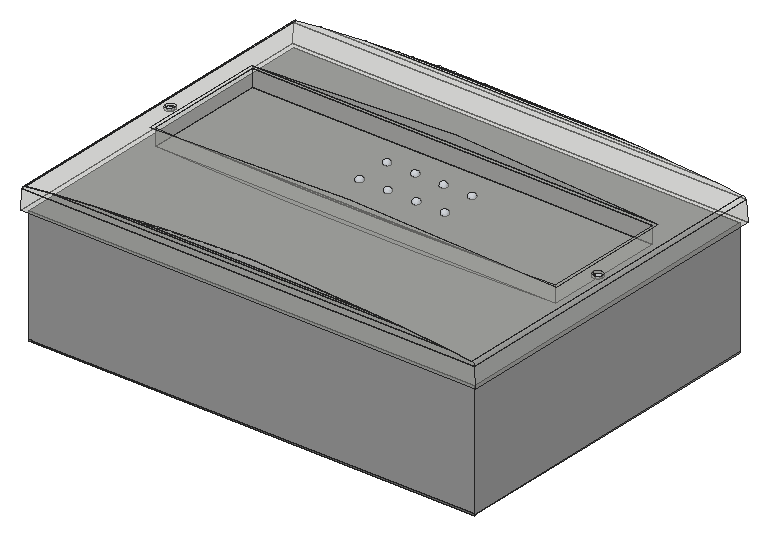
Revit family "Maxlogic Konvansiyonel Siren Genişleme Paneli", category Fire Alarm Devices, host Face, Revit 2021
Family settings
  Host = Face
  Maintain Annotation Orientation = Yes
  Round Connector Dimension = Use Diameter
  Part Type = Normal
  OmniClass Number = 23.85.30.21
  OmniClass Title = Environmental Detection/Registration
  Cut with Voids When Loaded = No
  Shared = No
  Room Calculation Point = No
Parameters (values of type "Maxlogic Konvansiyonel Siren Genişleme Paneli")
  Weight = ""
  Weatherproof surface mounting back box = ""
  Warranty Duration Unit = "Year"
  Warranty Duration Parts = "2"
  Warranty Duration Labor = "2"
  Version = ""
  URL = "https://www.mavili.com.tr/"
  Recessed mounting base = ""
  Public Works Pose Number = ""
  Protection Sign = ""
  Product Code = "ML-0314"
  Phone Number = "(+)90 216 466 45 05"
  Operatonal Voltage (default) = ""
  Operating voltage range = ""
  Operating temperature = "(-5°C) - (+50°C)"
  Nominal Depth = "130 mm"
  Nominal Width = "400 mm"
  Nominal Height = "300 mm"
  Mounting surface = "Duvara montaj"
  Mounting height = ""
  Model = "Maxlogic"
  Manufacturer = "Mavili Elektronik Ticaret A.Ş."
  Installation Manual = "https://mavilielektronik.com/Revit/ML0314_kk.pdf"
  Indicator output = ""
  Fax Number = "(+)90 216 466 45 10"
  External supply = "220 V AC"
  Email = "mavili@mavili.com.tr"
  Disclaimer = ""
  Device Adress Setup = ""
  Description = "Konvansiyonel Siren Genişleme Paneli, 4 çıkışlı"
  Default Elevation = 0 mm
  Current consumption = ""
  Cost unıt = ""
  Cost = 0
  Compatible sockets = ""
  Color = "Beyaz"
  Code Performance = "EN 54-4 / EN 54-18"
  Main Material = "Metal Grey"
  Secondary Material = "White Plastic ABS"
  Battery = "2 X (12V DC 7 Ah )"
  Assembly Code = ""
  Address line 1 = "Şerifali Mahallesi Kutup Sokak No:27/1-2-4 Ümraniye TR-34775 İSTANBUL"
Reference planes
  plane 1 "Center (Front/Back)": y = 0
  plane 2: z = 0
  plane 3 "Center (Left/Right)": x = 0
Forms (mm)
  Extrusion 1, solid, material "mavili arka kasa"
    sketch origin (-210, -150, 148.173) x (1, 0, 0) y (0, 0, -1)
      loop
        line (42.905, 45.3) -> (434.905, 45.3) -> (434.905, 146.904)
        arc (434.905, 146.904) -> (434.545, 147.715) -> (433.785, 148.173) r 1.476
        line (433.785, 148.173) -> (44.505, 148.173)
        arc (44.505, 148.173) -> (43.374, 147.704) -> (42.905, 146.573) r 1.6
        line (42.905, 146.573) -> (42.905, 45.3)
    from 0 to 300
  Extrusion 2, solid, material "Mavili beyaz"
    sketch origin (-210, -150, 180.173) x (1, 0, 0) y (0, 0, -1)
      loop
        line (38.905, 77.3) -> (39.824, 59.769)
        arc (39.824, 59.769) -> (40.651, 57.854) -> (42.526, 56.941) r 3
        arc (42.526, 56.941) -> (238.905, 47.3) -> (435.284, 56.941) r 2005
        arc (435.284, 56.941) -> (437.16, 57.854) -> (437.987, 59.769) r 3
        line (437.987, 59.769) -> (438.905, 77.3) -> (38.905, 77.3)
    from 0 to 300
  Extrusion 3, void
    sketch origin (-167.095, -150, 70.872) x (0, 0, 1) y (0, -1, 0)
      loop
        arc (-69.27, -296) -> (-70.403, -295.532) -> (-70.872, -294.4) r 1.6
        line (-70.872, -294.4) -> (-70.872, -300) -> (32, -300) -> (32, -296) -> (-69.27, -296)
    from 0 to 392
  Extrusion 4, void
    sketch origin (-167.095, 150, 70.872) x (0, 0, 1) y (0, -1, 0)
      loop
        line (-69.27, 296) -> (32, 296) -> (32, 300) -> (-70.872, 300) -> (-70.872, 294.4)
        arc (-70.872, 294.4) -> (-70.403, 295.532) -> (-69.27, 296) r 1.6
    from 0 to 392
  Extrusion 5, void
    sketch origin (-210, -150, 180.173) x (0, 0, -1) y (0, 1, 0)
      loop
        line (55.289, 116.326) -> (55.289, 228.158) -> (47.3, 228.297) -> (47.3, 111.721) -> (55.289, 116.326)
    from 24.201 to 445
  Extrusion 6, void
    sketch origin (-210, -150, 180.173) x (0, 0, -1) y (0, 1, 0)
      loop
        arc (47.3, 295.581) -> (48.124, 297.646) -> (50.143, 298.577) r 3
        line (50.143, 298.577) -> (51.913, 298.669) -> (55.057, 298.834) -> (59.769, 299.081) -> (77.3, 300) -> (50, 300) -> (47.3, 300) -> (47.3, 295.581)
    from 24.201 to 445
  Extrusion 7, void
    sketch origin (-210, 150, 180.173) x (0, 0, -1) y (0, 1, 0)
      loop
        line (47.3, -295.581) -> (47.3, -300) -> (50, -300) -> (77.3, -300) -> (59.769, -299.081) -> (55.057, -298.834) -> (51.913, -298.669) -> (50.143, -298.577)
        arc (50.143, -298.577) -> (48.124, -297.646) -> (47.3, -295.581) r 3
    from 24.201 to 445
  Extrusion 8, void
    sketch origin (-167.095, 146, 35.472) x (0, 0, -1) y (1, 0, 0)
      loop
        line (-13.523, 66.9) -> (-13.523, 68.054)
        arc (-13.523, 68.054) -> (-15, 68.144) -> (-16.477, 68.054) r 12.144
        line (-16.477, 68.054) -> (-16.477, 66.9)
        arc (-16.477, 66.9) -> (-26, 56.025) -> (-16.527, 45.106) r 11
        line (-16.527, 45.106) -> (-16.527, 43.952)
        arc (-16.527, 43.952) -> (-15, 43.856) -> (-13.473, 43.952) r 12.144
        line (-13.473, 43.952) -> (-13.473, 45.106)
        arc (-13.473, 45.106) -> (-4, 56.025) -> (-13.523, 66.9) r 11
    from 0 to 1
  Extrusion 9, void
    sketch origin (-127.095, 146, 35.472) x (0, 0, -1) y (1, 0, 0)
      loop
        line (-13.523, 66.9) -> (-13.523, 68.054)
        arc (-13.523, 68.054) -> (-15, 68.144) -> (-16.477, 68.054) r 12.144
        line (-16.477, 68.054) -> (-16.477, 66.9)
        arc (-16.477, 66.9) -> (-26, 56.025) -> (-16.527, 45.106) r 11
        line (-16.527, 45.106) -> (-16.527, 43.952)
        arc (-16.527, 43.952) -> (-15, 43.856) -> (-13.473, 43.952) r 12.144
        line (-13.473, 43.952) -> (-13.473, 45.106)
        arc (-13.473, 45.106) -> (-4, 56.025) -> (-13.523, 66.9) r 11
    from 0 to 1
  Extrusion 10, void
    sketch origin (-87.095, 146, 35.472) x (0, 0, -1) y (1, 0, 0)
      loop
        line (-13.523, 66.9) -> (-13.523, 68.054)
        arc (-13.523, 68.054) -> (-15, 68.144) -> (-16.477, 68.054) r 12.144
        line (-16.477, 68.054) -> (-16.477, 66.9)
        arc (-16.477, 66.9) -> (-26, 56.025) -> (-16.527, 45.106) r 11
        line (-16.527, 45.106) -> (-16.527, 43.952)
        arc (-16.527, 43.952) -> (-15, 43.856) -> (-13.473, 43.952) r 12.144
        line (-13.473, 43.952) -> (-13.473, 45.106)
        arc (-13.473, 45.106) -> (-4, 56.025) -> (-13.523, 66.9) r 11
    from 0 to 1
  Extrusion 11, void
    sketch origin (-47.095, 146, 35.472) x (0, 0, -1) y (1, 0, 0)
      loop
        line (-13.523, 66.9) -> (-13.523, 68.054)
        arc (-13.523, 68.054) -> (-15, 68.144) -> (-16.477, 68.054) r 12.144
        line (-16.477, 68.054) -> (-16.477, 66.9)
        arc (-16.477, 66.9) -> (-26, 56.025) -> (-16.527, 45.106) r 11
        line (-16.527, 45.106) -> (-16.527, 43.952)
        arc (-16.527, 43.952) -> (-15, 43.856) -> (-13.473, 43.952) r 12.144
        line (-13.473, 43.952) -> (-13.473, 45.106)
        arc (-13.473, 45.106) -> (-4, 56.025) -> (-13.523, 66.9) r 11
    from 0 to 1
  Extrusion 12, void
    sketch origin (-7.095, 146, 35.472) x (0, 0, -1) y (1, 0, 0)
      loop
        line (-13.523, 66.9) -> (-13.523, 68.054)
        arc (-13.523, 68.054) -> (-15, 68.144) -> (-16.477, 68.054) r 12.144
        line (-16.477, 68.054) -> (-16.477, 66.9)
        arc (-16.477, 66.9) -> (-26, 56.025) -> (-16.527, 45.106) r 11
        line (-16.527, 45.106) -> (-16.527, 43.952)
        arc (-16.527, 43.952) -> (-15, 43.856) -> (-13.473, 43.952) r 12.144
        line (-13.473, 43.952) -> (-13.473, 45.106)
        arc (-13.473, 45.106) -> (-4, 56.025) -> (-13.523, 66.9) r 11
    from 0 to 1
  Extrusion 13, void
    sketch origin (32.905, 146, 35.472) x (0, 0, -1) y (1, 0, 0)
      loop
        line (-13.523, 66.9) -> (-13.523, 68.054)
        arc (-13.523, 68.054) -> (-15, 68.144) -> (-16.477, 68.054) r 12.144
        line (-16.477, 68.054) -> (-16.477, 66.9)
        arc (-16.477, 66.9) -> (-26, 56.025) -> (-16.527, 45.106) r 11
        line (-16.527, 45.106) -> (-16.527, 43.952)
        arc (-16.527, 43.952) -> (-15, 43.856) -> (-13.473, 43.952) r 12.144
        line (-13.473, 43.952) -> (-13.473, 45.106)
        arc (-13.473, 45.106) -> (-4, 56.025) -> (-13.523, 66.9) r 11
    from 0 to 1
  Extrusion 14, void
    sketch origin (72.905, 146, 35.472) x (0, 0, -1) y (1, 0, 0)
      loop
        line (-13.523, 66.9) -> (-13.523, 68.054)
        arc (-13.523, 68.054) -> (-15, 68.144) -> (-16.477, 68.054) r 12.144
        line (-16.477, 68.054) -> (-16.477, 66.9)
        arc (-16.477, 66.9) -> (-26, 56.025) -> (-16.527, 45.106) r 11
        line (-16.527, 45.106) -> (-16.527, 43.952)
        arc (-16.527, 43.952) -> (-15, 43.856) -> (-13.473, 43.952) r 12.144
        line (-13.473, 43.952) -> (-13.473, 45.106)
        arc (-13.473, 45.106) -> (-4, 56.025) -> (-13.523, 66.9) r 11
    from 0 to 1
  Extrusion 15, void
    sketch origin (112.905, 146, 35.472) x (0, 0, -1) y (1, 0, 0)
      loop
        line (-13.523, 66.9) -> (-13.523, 68.054)
        arc (-13.523, 68.054) -> (-15, 68.144) -> (-16.477, 68.054) r 12.144
        line (-16.477, 68.054) -> (-16.477, 66.9)
        arc (-16.477, 66.9) -> (-26, 56.025) -> (-16.527, 45.106) r 11
        line (-16.527, 45.106) -> (-16.527, 43.952)
        arc (-16.527, 43.952) -> (-15, 43.856) -> (-13.473, 43.952) r 12.144
        line (-13.473, 43.952) -> (-13.473, 45.106)
        arc (-13.473, 45.106) -> (-4, 56.025) -> (-13.523, 66.9) r 11
    from 0 to 1
  Extrusion 16, void
    sketch origin (-210, -33.417, 124.884) x (-1, 0, 0) y (0, 1, 0)
      loop
        line (-62.836, 2.214) -> (-62.836, 108.579)
        spline (-62.836, 108.579) -> (-92.123, 108.62) -> (-121.442, 108.654) -> (-150.785, 108.681) -> (-180.148, 108.699) -> (-209.524, 108.711) -> (-238.905, 108.714) -> (-268.287, 108.711) -> (-297.662, 108.699) -> (-327.025, 108.681) -> (-356.369, 108.654) -> (-385.687, 108.62) -> (-414.974, 108.579)
        line (-414.974, 108.579) -> (-414.974, 2.214)
        spline (-414.974, 2.214) -> (-385.687, 0.847) -> (-356.369, -0.273) -> (-327.025, -1.144) -> (-297.662, -1.766) -> (-268.287, -2.14) -> (-238.905, -2.264) -> (-209.524, -2.14) -> (-180.148, -1.766) -> (-150.785, -1.144) -> (-121.442, -0.273) -> (-92.123, 0.847) -> (-62.836, 2.214)
    from 0 to 15
  Extrusion 17, void
    sketch origin (-210, -33.417, 124.884) x (-1, 0, 0) y (0, 1, 0)
      loop
        circle (-50.905, 33.417) r 4.25
    from 0 to 3
  Extrusion 18, solid
    sketch origin (-210, -33.442, 121.884) x (0, 1, 0) y (-1, 0, 0)
      loop
        line (35.753, -50.862) -> (34.597, -48.861) -> (32.286, -48.861) -> (31.13, -50.862) -> (32.286, -52.864) -> (34.597, -52.864) -> (35.753, -50.862)
    from 0 to 1
  Extrusion 19, void
    sketch origin (267.811, -33.417, 124.884) x (-1, 0, 0) y (0, 1, 0)
      loop
        circle (50.905, 33.417) r 4.25
    from 0 to 3
  Extrusion 20, solid
    sketch origin (267.811, -33.442, 121.884) x (0, 1, 0) y (-1, 0, 0)
      loop
        line (35.753, 50.862) -> (34.597, 52.864) -> (32.286, 52.864) -> (31.13, 50.862) -> (32.286, 48.861) -> (34.597, 48.861) -> (35.753, 50.862)
    from 0 to 1
  Revolve 21, solid
    sketch origin (-210, -33.417, 109.884) x (-1, 0, 0) y (0, -1, 0)
      loop
        line (-201.077, -86.417) -> (-201.077, -80.417)
        arc (-201.077, -80.417) -> (-204.077, -83.417) -> (-201.077, -86.417) r 3
      axis (-201.077, -86.417) -> (-201.077, -80.417)
    angle from 0 to -180
  Revolve 22, solid
    sketch origin (-185, -33.417, 109.884) x (-1, 0, 0) y (0, -1, 0)
      loop
        line (-201.077, -86.417) -> (-201.077, -80.417)
        arc (-201.077, -80.417) -> (-204.077, -83.417) -> (-201.077, -86.417) r 3
      axis (-201.077, -86.417) -> (-201.077, -80.417)
    angle from 0 to -180
  Revolve 23, solid
    sketch origin (-160, -33.417, 109.884) x (-1, 0, 0) y (0, -1, 0)
      loop
        line (-201.077, -86.417) -> (-201.077, -80.417)
        arc (-201.077, -80.417) -> (-204.077, -83.417) -> (-201.077, -86.417) r 3
      axis (-201.077, -86.417) -> (-201.077, -80.417)
    angle from 0 to -180
  Revolve 24, solid
    sketch origin (-135, -33.417, 109.884) x (-1, 0, 0) y (0, -1, 0)
      loop
        line (-201.077, -86.417) -> (-201.077, -80.417)
        arc (-201.077, -80.417) -> (-204.077, -83.417) -> (-201.077, -86.417) r 3
      axis (-201.077, -86.417) -> (-201.077, -80.417)
    angle from 0 to -180
  Revolve 25, solid
    sketch origin (-210, -63.417, 109.884) x (-1, 0, 0) y (0, -1, 0)
      loop
        line (-201.077, -86.417) -> (-201.077, -80.417)
        arc (-201.077, -80.417) -> (-204.077, -83.417) -> (-201.077, -86.417) r 3
      axis (-201.077, -86.417) -> (-201.077, -80.417)
    angle from 0 to -180
  Revolve 26, solid
    sketch origin (-185, -63.417, 109.884) x (-1, 0, 0) y (0, -1, 0)
      loop
        line (-201.077, -86.417) -> (-201.077, -80.417)
        arc (-201.077, -80.417) -> (-204.077, -83.417) -> (-201.077, -86.417) r 3
      axis (-201.077, -86.417) -> (-201.077, -80.417)
    angle from 0 to -180
  Revolve 27, solid
    sketch origin (-160, -63.417, 109.884) x (-1, 0, 0) y (0, -1, 0)
      loop
        line (-201.077, -86.417) -> (-201.077, -80.417)
        arc (-201.077, -80.417) -> (-204.077, -83.417) -> (-201.077, -86.417) r 3
      axis (-201.077, -86.417) -> (-201.077, -80.417)
    angle from 0 to -180
  Revolve 28, solid
    sketch origin (-135, -63.417, 109.884) x (-1, 0, 0) y (0, -1, 0)
      loop
        line (-201.077, -86.417) -> (-201.077, -80.417)
        arc (-201.077, -80.417) -> (-204.077, -83.417) -> (-201.077, -86.417) r 3
      axis (-201.077, -86.417) -> (-201.077, -80.417)
    angle from 0 to -180
Cuts and joins
  Extrusion 3, Extrusion 4, Extrusion 8, Extrusion 9, Extrusion 10, Extrusion 11, Extrusion 12, Extrusion 13, Extrusion 14, Extrusion 15 cuts Extrusion 1
  Extrusion 3, Extrusion 4, Extrusion 5, Extrusion 6, Extrusion 7, Extrusion 16, Extrusion 17, Extrusion 19 cuts Extrusion 2
  Extrusion 19 cuts Extrusion 18
Dimensions and locks
  aligned and locked: plane 2 to host face
  aligned and locked: level to host face
Connectors
  electrical at (29.145, 0, 0)
    settings: on cut or joined group of Extrusion 1, Extrusion 3, Extrusion 4, Extrusion 8, Extrusion 9, Extrusion 10, Extrusion 11, Extrusion 12, Extrusion 13, Extrusion 14, Extrusion 15, index 1, voltage 0 V, apparent load 0 VA, apparent load phase1 0 VA, apparent load phase2 0 VA, apparent load phase3 0 VA, power factor 1, load classification "Other", number of poles 1, system type 31, power factor state 1, is connector primary yes, connector utility no, sub classification motor no, connector description ""
